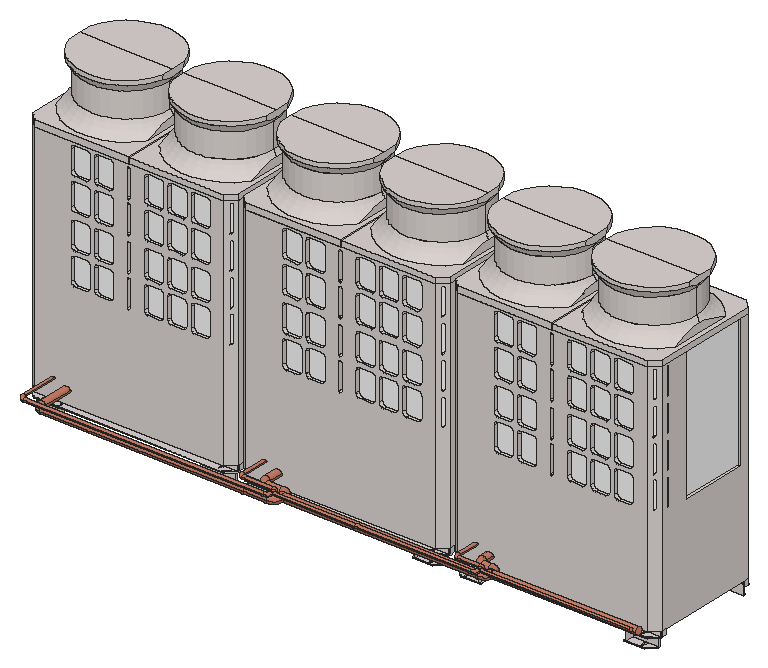
Revit family "PUHY-EP1250YSNW-A1", category 機械設備, Revit 2016 (continued)
Definition of nested family "PUHY-EP400YNW-A1"
  Dimensions and locks
    Extrusion 19 sketch curve to Extrusion 19 sketch curve = 170.800 mm
    Extrusion 20 sketch curve to Extrusion 20 sketch curve = 116.800 mm
    Extrusion 20 sketch curve to Extrusion 20 sketch curve = 170.800 mm
    Extrusion 21 sketch curve to Extrusion 21 sketch curve = 116.800 mm
    Extrusion 21 sketch curve to Extrusion 21 sketch curve = 170.800 mm
    plane 3 "Center (Left/Right)" to cut or joined group 1 (Extrusion 1, Extrusion 2, Extrusion 3, Extrusion 4, Extrusion 5, Extrusion 6, Extrusion 7, Extrusion 8, Extrusion 9, Extrusion 10, Extrusion 11, Extrusion 12, Extrusion 13, Extrusion 14, Extrusion 15, Extrusion 16, Extrusion 17, Extrusion 18, Extrusion 19, Extrusion 20, Extrusion 21, Extrusion 22, Extrusion 23, Extrusion 24, Extrusion 25, Extrusion 26, Extrusion 27, Extrusion 28, Extrusion 29, Extrusion 30, Extrusion 31, Extrusion 32, Extrusion 33) = 620.000 mm
    cut or joined group 1 to plane 3 "Center (Left/Right)" = 620.000 mm
    Extrusion 1 sketch curve to Extrusion 1 sketch curve = 1240.000 mm
    cut or joined group 1 to plane 8 = 185.000 mm
    cut or joined group 1 to plane 7 = 166.000 mm
    cut or joined group 1 to plane 6 = 110.000 mm
    cut or joined group 1 to plane 12 to cut or joined group 1 = 805.000 mm, 621.000 mm
    plane 5 to plane 2 = 1858.000 mm  (x2)
    cut or joined group 1 to plane 19 "132" = 132.000 mm
    cut or joined group 1 to plane 22 = 207.000 mm
    cut or joined group 1 to plane 23 = 256.000 mm
    cut or joined group 1 to plane 6 = 60.000 mm
    cut or joined group 1 to cut or joined group 1 = 42.154 mm
    cut or joined group 1 to cut or joined group 1 = 11.895 mm
    nested 1 to nested 3 to level = 1798.000 mm, 60.000 mm
    nested 1 to nested 1 = 303.000 mm
    nested 1 to nested 3 = 1495.000 mm
    nested 8 to nested 8 to nested 8 to nested 7 to nested 7 to nested 7 = 54.000 mm, 20.000 mm, 592.000 mm, 20.000 mm, 54.000 mm
    nested 3 to nested 3 = 56.000 mm
    plane 11 to plane 31 to plane 32 to cut or joined group 1 = 90.000 mm, 1060.000 mm, 90.000 mm
    curve 103 to nested 7 = 90.000 mm
    curve 104 to nested 7 = 125.000 mm
    curve 101 to nested 7 = 100.000 mm
    curve 11 to curve 13 to nested 7 = 84.000 mm, 71.000 mm
    cut or joined group 1 to curve 12 to curve 14 = 125.000 mm, 148.000 mm
    nested 2 to nested 7 = 1495.000 mm
    curve 87 to cut or joined group 1 = 152.000 mm
    curve 88 to cut or joined group 1 = 172.000 mm
    curve 89 to cut or joined group 1 = 216.000 mm
    cut or joined group 1 to curve 4 to curve 2 = 128.000 mm, 150.000 mm
    cut or joined group 1 to curve 1 to curve 3 = 79.000 mm, 94.000 mm
    Extrusion 32 sketch curve to nested 7 = 116.000 mm
    cut or joined group 1 to Extrusion 32 sketch curve = 160.000 mm
    cut or joined group 1 to Extrusion 33 sketch curve = 243.000 mm
    Extrusion 33 sketch curve to nested 7 = 116.000 mm
    aligned and locked: level to plane 2
    aligned and locked: Extrusion 1 to plane 4
  Nested families
    nested 1: "FAN GUARD" at (-311.5, 2, 860), type "FAN GUARD"
      with WIDTH 870.000 mm
    nested 2: "FAN GUARD" at (311.5, 2, 860) x (-1, 0, 0) z (0, 0, 1), type "FAN GUARD"
      with WIDTH 870.000 mm
    nested 3: "ATTACHMENT LEG" at (-524, -349, 0), type "ATTACHMENT LEG"
    nested 4: "ATTACHMENT LEG" at (-524, 349, 0), type "ATTACHMENT LEG"
    nested 5: "ATTACHMENT LEG" at (524, -349, 0) x (-1, 0, 0) z (0, 0, 1), type "ATTACHMENT LEG"
    nested 6: "ATTACHMENT LEG" at (524, 349, 0) x (-1, 0, 0) z (0, 0, 1), type "ATTACHMENT LEG"
    nested 7: "BASE LEG_L_" at (0, -352, 60), type "BASE LEG_L_"
      with Width 1240.000 mm
    nested 8: "BASE LEG_L_" at (0, 352, 60), type "BASE LEG_L_"
      with Width 1240.000 mm
  Connectors
    piping at (-460, -191, 176), diameter 25.4, driven by "Liquid pipe_radius"
      settings: on cut or joined group 1, index 3, connector inside diameter 25.4 mm, connector length 0.000 mm, flow factor 0, pipe flow 0.0 L/s, pressure drop 0.0 Pa, fitting loss kfactor 0, connector angle 0.00°, fixture units 0, engagement length 0.000 mm, angle of deflection 0.00°, flow configuration 0, flow direction 0, fitting loss method 0, system type 22, joint type 0, gender type 0, connector reference index -1, connector utility 0, adjustable connector no, is connector primary yes, connector description "Refrigerant service valve<Liquid pipe>"
    piping at (-377, -191, 176), diameter 28.58, driven by "Gas pipe_radius"
      settings: on cut or joined group 1, index 4, connector inside diameter 28.58 mm, connector length 0.000 mm, flow factor 0, pipe flow 0.0 L/s, pressure drop 0.0 Pa, fitting loss kfactor 0, connector angle 0.00°, fixture units 0, engagement length 0.000 mm, angle of deflection 0.00°, flow configuration 0, flow direction 0, fitting loss method 0, system type 22, joint type 0, gender type 0, connector reference index -1, connector utility 0, adjustable connector no, is connector primary no, connector description "Refrigerant service valve<Gas>"
    electrical at (0, -370, 808)
      settings: on cut or joined group 1, index 5, voltage 0 V, apparent load 0 VA, apparent load phase1 0 VA, apparent load phase2 0 VA, apparent load phase3 0 VA, power factor 1, load classification none, number of poles 1, system type 30, power factor state 1, is connector primary yes, connector utility no, sub classification motor no, connector description ""
  Definition of nested family "FAN GUARD"
    Parameters
      WIDTH [instance] = 870.000 mm
    Reference planes
      plane 1 "中心(正面/背面)": y = -2
      plane 2: z = 0
      plane 3 "ファンガード基準面": z = 661
      plane 4: y = 368
      plane 5: x = 366
      plane 6: x = -375
      plane 7 "ファンガード基準上面": z = 695
      plane 8 "ファンガード上面": z = 998
      plane 9: x = -273.971
      plane 10: x = 308.5
      plane 11: x = -308.5
      plane 12: x = 0
    Forms (mm)
      Extrusion 1, solid
        sketch origin (85, 0, 661) x (-1, 0, 0) y (0, -1, 0)
          loop
            line (343.5, -368) -> (393.5, -318) -> (393.5, 322) -> (343.5, 372) -> (-223.5, 372) -> (-223.5, -368) -> (343.5, -368)
        from 0 to 34
      Revolve 2, solid
        sketch origin (0, -2, 0) x (1, 0, 0) y (0, 0, 1)
          loop
            line (0, 695) -> (0, 998) -> (-290, 998) -> (-290, 972.327) -> (-260, 928.372) -> (-260, 777.384)
            arc (-260, 777.384) -> (-290.651, 730.137) -> (-334.665, 695) r 175.882
            line (-334.665, 695) -> (0, 695)
          axis (0, 998) -> (0, 695)
        angle from 0 to 360
      Extrusion 3, void
        sketch origin (-840, 75, 695) x (-1, 0, 0) y (0, -1, 0)
          loop
            line (-410, -165) -> (-410, 315) -> (-561.253, 315) -> (-561.253, -165) -> (-410, -165)
        from -35 to 430.592
      Extrusion 4, void
        sketch origin (840, 75, 695) x (1, 0, 0) y (0, 1, 0)
          loop
            line (-410, 165) -> (-561.253, 165) -> (-561.253, -315) -> (-410, -315) -> (-410, 165)
        from 0 to 430.592
    Cuts and joins
      Extrusion 3, Extrusion 4 cuts Revolve 2
      Extrusion 4 cuts Extrusion 1
    Lines and regions (mm)
      model lines
        curve 1: line (-278.747, 0, 998) -> (-80, 0, 998)
        curve 2: line (80, 0, 998) -> (278.747, 0, 998)
        curve 3: circle (0, 0, 998) r 80 normal (0, 0, 1)
        curve 4: line (-278.747, -80, 998) -> (278.747, -80, 998)
        curve 5: line (-241.868, -160, 998) -> (241.868, -160, 998)
        curve 6: line (-162.788, -240, 998) -> (162.788, -240, 998)
        curve 7: line (-278.747, 80, 998) -> (278.747, 80, 998)
        curve 8: line (-241.868, 160, 998) -> (240, 160, 998)
        curve 9: line (-160, 240, 998) -> (162.788, 240, 998)
        curve 10: line (0, 290, 998) -> (0, -290, 998)
        curve 11: line (-20, 289.31, 998) -> (-20, -289.31, 998)
        curve 12: line (-40, 287.228, 998) -> (-40, -287.228, 998)
        curve 13: line (-60, 283.725, 998) -> (-60, -283.725, 998)
        curve 14: line (-80, 278.747, 998) -> (-80, -278.747, 998)
        curve 15: line (20, 289.31, 998) -> (20, -289.31, 998)
        curve 16: line (40, 287.228, 998) -> (40, -287.228, 998)
        curve 17: line (60, 283.725, 998) -> (60, -283.725, 998)
        curve 18: line (80, 278.747, 998) -> (80, -278.747, 998)
        curve 19: line (100, 272.213, 998) -> (100, -272.213, 998)
        curve 20: line (120, 264.008, 998) -> (120, -264.008, 998)
        curve 21: line (140, 253.969, 998) -> (140, -253.969, 998)
        curve 22: line (160, 241.868, 998) -> (160, -243.132, 998)
        curve 23: line (180, 227.376, 998) -> (180, -227.624, 998)
        curve 24: line (200, 210, 998) -> (200, -210, 998)
        curve 25: line (220, 188.944, 998) -> (220, -188.944, 998)
        curve 26: line (240, 160, 998) -> (240, -162.788, 998)
        curve 27: line (260, 128.452, 998) -> (260, -128.452, 998)
        curve 28: line (-100, 272.213, 998) -> (-100, -272.213, 998)
        curve 29: line (-120, 264.008, 998) -> (-120, -264.008, 998)
        curve 30: line (-140, 253.969, 998) -> (-140, -253.969, 998)
        curve 31: line (-160, 240, 998) -> (-160, -241.868, 998)
        curve 32: line (-180, 227.376, 998) -> (-180, -227.376, 998)
        curve 33: line (-200, 210, 998) -> (-200, -210, 998)
        curve 34: line (-220, 188.944, 998) -> (-220, -188.944, 998)
        curve 35: line (-240, 162.788, 998) -> (-240, -162.788, 998)
        curve 36: line (-260, 128.452, 998) -> (-260, -128.452, 998)
        curve 37: line (10, 79.373, 998) -> (10, -79.373, 998)
        curve 38: line (-10, 79.373, 998) -> (-10, -79.373, 998)
        curve 39: line (30, 74.162, 998) -> (30, -74.162, 998)
        curve 40: line (50, 62.45, 998) -> (50, -62.45, 998)
        curve 41: line (70, 38.73, 998) -> (70, -38.73, 998)
        curve 42: line (-30, 74.162, 998) -> (-30, -74.162, 998)
        curve 43: line (-50, 62.45, 998) -> (-50, -62.45, 998)
        curve 44: line (-70, 38.73, 998) -> (-70, -38.73, 998)
    Dimensions and locks
      locked: plane 8 "ファンガード上面" to plane 7 "ファンガード基準上面" at 303
      plane 8 "ファンガード上面" to plane 3 "ファンガード基準面" = 337.000 mm
      Revolve 2 sketch curve to Revolve 2 sketch curve = 290.000 mm
      Extrusion 1 sketch curve to Extrusion 1 sketch curve = 740.000 mm
      equal spacing: Extrusion 1 sketch curve, plane 1 "中心(正面/背面)", Extrusion 1 sketch curve
      plane 6 to plane 5 = 741.000 mm
      Extrusion 1 sketch curve to Extrusion 1 sketch curve = 617.000 mm
      plane 11 to plane 10 = 617.000 mm
      cut or joined group of Extrusion 1, Extrusion 4 to cut or joined group of Extrusion 1, Extrusion 4 = 617.000 mm
      cut or joined group of Extrusion 1, Extrusion 4 to cut or joined group of Extrusion 1, Extrusion 4 = 740.000 mm
      aligned and locked: level to plane 2
      aligned and locked: plane 7 "ファンガード基準上面" to Extrusion 1
      aligned and locked: plane 3 "ファンガード基準面" to Extrusion 1
      aligned and locked: cut or joined group of Revolve 2, Extrusion 3, Extrusion 4 to plane 8 "ファンガード上面"
  Definition of nested family "ATTACHMENT LEG"
    Parameters
      Width = 145.000 mm
    Reference planes
      plane 1: z = 0
      plane 2 "中心(左/右)": x = -6
      plane 3: x = -52
      plane 4: x = 85
      plane 5: x = 93
      plane 6: y = -21
      plane 7: y = 27
      plane 8: x = -30
      plane 9: y = 39
      plane 10: z = 60
      plane 11: z = 57
      plane 12: z = 3
      plane 13: x = 82
      plane 14: y = 36
      plane 15: x = -75
      plane 16: y = 31
      plane 17 "幅": x = 93
      plane 18: y = 2.5
      plane 19: y = 21
      plane 20: y = -10
    Forms (mm)
      Extrusion 1, solid
        sketch origin (0, -1, 0) x (1, 0, 0) y (0, 1, 0)
          loop
            line (-75, 36) -> (-75, 27) -> (-28, -20) -> (93, -20) -> (93, 32) -> (85, 32) -> (85, 36) -> (-75, 36)
        from 0 to 60
      Extrusion 2, void
        sketch origin (0, -3, 0) x (1, 0, 0) y (0, 0, 1)
          loop
            line (-75, 57) -> (-75, 3) -> (82, 3) -> (82, 57) -> (-75, 57)
          loop
            line (93, 57) -> (85, 57) -> (85, 3) -> (93, 3) -> (93, 57)
        from -35 to 18
      Extrusion 3, void
        sketch origin (-6, 5.5, 0) x (1, 0, 0) y (0, 1, 0)
          loop
            arc (-7, -8.5) -> (0, -15.5) -> (7, -8.5) r 7
            line (7, -8.5) -> (7, 8.5)
            arc (7, 8.5) -> (0, 15.5) -> (-7, 8.5) r 7
            line (-7, 8.5) -> (-7, -8.5)
        from 0 to 60
    Cuts and joins
      Extrusion 2, Extrusion 3 cuts Extrusion 1
    Dimensions and locks
      locked: plane 3 to plane 4 at 137
      locked: plane 3 to plane 5 at 145
      plane 6 to plane 7 = 48.000 mm
      locked: plane 10 to level at 60
      Extrusion 3 sketch curve to plane 2 "中心(左/右)" = 7.000 mm
      locked: plane 15 to plane 2 "中心(左/右)" at 69
      locked: plane 15 to plane 8 at 45
      locked: plane 6 to plane 18 at 23.5
      cut or joined group of Extrusion 1, Extrusion 2, Extrusion 3 to cut or joined group of Extrusion 1, Extrusion 2, Extrusion 3 = 168.000 mm
      cut or joined group of Extrusion 1, Extrusion 2, Extrusion 3 to cut or joined group of Extrusion 1, Extrusion 2, Extrusion 3 = 56.000 mm  (x2)
      plane 14 to plane 6 = 57.000 mm
      aligned and locked: level to plane 1
      aligned and locked: Extrusion 1 sketch curve to plane 4
      aligned and locked: Extrusion 1 sketch curve to plane 5
      aligned: plane 8 to Extrusion 1 sketch curve
      aligned and locked: plane 10 to Extrusion 1
      aligned and locked: Extrusion 2 sketch curve to plane 11
      aligned: plane 3 to Extrusion 2 sketch curve
      aligned and locked: plane 12 to Extrusion 2 sketch curve
      aligned and locked: Extrusion 2 sketch curve to plane 13
      aligned and locked: plane 6 to Extrusion 2
      aligned and locked: plane 11 to Extrusion 2 sketch curve
      aligned and locked: plane 5 to Extrusion 2 sketch curve
      aligned and locked: Extrusion 2 sketch curve to plane 12
      aligned and locked: Extrusion 2 sketch curve to plane 4
      aligned and locked: plane 15 to Extrusion 1 sketch curve
      aligned and locked: Extrusion 2 sketch curve to cut or joined group of Extrusion 1, Extrusion 2, Extrusion 3
      aligned and locked: Extrusion 1 to plane 16
  Definition of nested family "BASE LEG_L_"
    Parameters
      Width [instance] = 1240.000 mm
    Reference planes
      plane 1 "中心(正面/背面)": y = 0
      plane 2: z = 0
      plane 3 "中心(左/右)": x = 0
      plane 4: x = 620
      plane 5: x = -620
      plane 6: x = -530
      plane 7: x = 530
      plane 8: y = -18
      plane 9: y = 39
      plane 10: z = 53
      plane 11: y = 42
      plane 12: y = 27
      plane 13: x = 575
      plane 14: x = -575
      plane 15: z = 8
      plane 16: y = 11.5
      plane 17: z = 35
    Forms (mm)
      Extrusion 1, solid
        sketch origin (0, 0, 0) x (0, 1, 0) y (0, 0, 1)
          loop
            line (-18, 0) -> (36, 0) -> (36, 32) -> (56, 32) -> (56, 35) -> (33, 35) -> (33, 3) -> (-18, 3) -> (-18, 0)
        from -620 to 620
      Extrusion 2, void
        sketch origin (0, 0, 0) x (1, 0, 0) y (0, 1, 0)
          loop
            line (575, -18) -> (620, -18) -> (620, 27) -> (575, -18)
          loop
            line (-575, -18) -> (-620, 27) -> (-620, -18) -> (-575, -18)
        from 0 to 250
      Extrusion 3, void
        sketch origin (0, 12.023, 0) x (1, 0, 0) y (0, 1, 0)
          loop
            arc (523, -2.971) -> (530, -9.971) -> (537, -2.971) r 7
            line (537, -2.971) -> (537, 3.023)
            arc (537, 3.023) -> (530, 10.023) -> (523, 3.023) r 7
            line (523, 3.023) -> (523, -2.971)
          loop
            line (-523, -2.971) -> (-523, 3.023)
            arc (-523, 3.023) -> (-530, 10.023) -> (-537, 3.023) r 7
            line (-537, 3.023) -> (-537, -2.971)
            arc (-537, -2.971) -> (-530, -9.971) -> (-523, -2.971) r 7
        from 0 to 250
      Extrusion 4, solid
        sketch origin (0, 0, -3) x (1, 0, 0) y (0, 0, 1)
          loop
            line (617, 8) -> (620, 8) -> (620, 35) -> (617, 35) -> (617, 8)
          loop
            line (-617, 8) -> (-617, 35) -> (-620, 35) -> (-620, 8) -> (-617, 8)
        from -36 to -56
      Extrusion 5, solid
        sketch origin (150, 352, 0) x (1, 0, 0) y (0, 1, 0)
          loop
            line (460, -319) -> (455, -319) -> (455, -320) -> (405, -370) -> (410, -370) -> (460, -320) -> (460, -319)
        from 3 to 35
      Extrusion 6, void
        sketch origin (560, -18, 0) x (0.707107, 0.707107, 0) y (0, 0, 1)
          loop
            line (70.711, 3) -> (-6.741, 39.767) -> (-6.741, 3) -> (70.711, 3)
        from -190.256 to 23.776
      Extrusion 7, solid
        sketch origin (-150, 352, 0) x (-1, 0, 0) y (0, -1, 0)
          loop
            line (460, 319) -> (460, 320) -> (410, 370) -> (405, 370) -> (455, 320) -> (455, 319) -> (460, 319)
        from 3 to 35
      Extrusion 8, void
        sketch origin (-560, -18, 0) x (0.707107, -0.707107, 0) y (0, 0, -1)
          loop
            line (-70.711, -3) -> (0, -35) -> (6.741, -35) -> (6.741, -3) -> (-70.711, -3)
        from -190.256 to 23.776
    Cuts and joins
      Extrusion 2, Extrusion 3 cuts Extrusion 1
      joined: Extrusion 1, Extrusion 4
      Extrusion 8 cuts Extrusion 7
      Extrusion 6 cuts Extrusion 5
    Dimensions and locks
      "Width": plane 5 to plane 4
      equal spacing: plane 5, plane 3 "中心(左/右)", plane 4
      locked: plane 5 to plane 6 at 90
      locked: plane 7 to plane 4 at 90
      locked: plane 8 to plane 9 at 57
      locked: plane 10 to level at 53
      locked: plane 9 to plane 11 at 3
      plane 8 to plane 12 = 45.000 mm
      locked: plane 13 to plane 4 at 45
      locked: plane 5 to plane 14 at 45
      equal spacing: Extrusion 3 sketch curve, plane 7, Extrusion 3 sketch curve
      equal spacing: Extrusion 3 sketch curve, plane 6, Extrusion 3 sketch curve
      locked: plane 10 to plane 15 at 45
      locked: cut or joined group of Extrusion 1, Extrusion 2, Extrusion 3, Extrusion 4 to Extrusion 4 sketch curve at 3  (x2)
      locked: plane 8 to plane 16 at 29.5
      plane 8 to plane 11 = 60.000 mm
      cut or joined group of Extrusion 1, Extrusion 2, Extrusion 3, Extrusion 4 to cut or joined group of Extrusion 1, Extrusion 2, Extrusion 3, Extrusion 4 = 35.000 mm
      aligned and locked: level to plane 2
      aligned and locked: plane 8 to Extrusion 1 sketch curve
      aligned and locked: plane 4 to Extrusion 1
      aligned and locked: Extrusion 1 to plane 5
      aligned and locked: Extrusion 2 sketch curve to plane 4
      aligned and locked: Extrusion 2 sketch curve to plane 8
      aligned and locked: plane 12 to Extrusion 2 sketch curve
      aligned and locked: plane 13 to Extrusion 2 sketch curve
      aligned and locked: plane 4 to Extrusion 4 sketch curve
      aligned and locked: plane 5 to Extrusion 4 sketch curve
      aligned and locked: cut or joined group of Extrusion 7, Extrusion 8 to cut or joined group of Extrusion 1, Extrusion 2, Extrusion 3, Extrusion 4
    Automatic sketch dimensions
      Extrusion 3 sketch curve to plane 1 "中心(正面/背面)" = 9.052 mm  (x2)
      Extrusion 3 sketch curve to plane 7 = 7.000 mm
      Extrusion 3 sketch curve to plane 1 "中心(正面/背面)" = 15.046 mm  (x2)
      Extrusion 3 sketch curve to plane 6 = 7.000 mm
      Extrusion 2 sketch curve to plane 5 = 0.000 mm
      plane 8 to Extrusion 2 sketch curve = 0.000 mm
      Extrusion 2 sketch curve to plane 14 = 0.000 mm
      plane 12 to Extrusion 2 sketch curve = 0.000 mm
      Extrusion 4 sketch curve to plane 10 = 21.000 mm
      plane 7 to Extrusion 5 sketch curve = 25.000 mm
      Extrusion 5 sketch curve to Extrusion 5 sketch curve = 5.000 mm  (x2)
      plane 7 to Extrusion 5 sketch curve = 75.000 mm
      plane 8 to Extrusion 5 sketch curve = 0.000 mm
      Extrusion 5 sketch curve to Extrusion 5 sketch curve = 50.000 mm
      Extrusion 5 sketch curve to Extrusion 5 sketch curve = 0.000 mm
      Extrusion 5 sketch curve to Extrusion 5 sketch curve = 1.000 mm
      Extrusion 6 sketch curve to Extrusion 5 = 0.000 mm  (x2)
      Extrusion 6 sketch curve to Extrusion 5 = 6.741 mm
      Extrusion 6 sketch curve to Extrusion 5 = 4.767 mm
      plane 6 to Extrusion 7 sketch curve = 25.000 mm
      Extrusion 7 sketch curve to Extrusion 7 sketch curve = 5.000 mm  (x2)
      Extrusion 7 sketch curve to Extrusion 7 sketch curve = 45.000 mm
      Extrusion 7 sketch curve to plane 8 = 0.000 mm
      Extrusion 7 sketch curve to Extrusion 7 sketch curve = 50.000 mm
      Extrusion 7 sketch curve to Extrusion 7 sketch curve = 0.000 mm
      Extrusion 7 sketch curve to Extrusion 7 sketch curve = 1.000 mm
      Extrusion 8 sketch curve to Extrusion 7 = 0.000 mm  (x2)
      Extrusion 7 to Extrusion 8 sketch curve = 0.000 mm  (x2)
      Extrusion 7 to Extrusion 8 sketch curve = 6.741 mm
      Extrusion 4 sketch curve to plane 17 = 3.000 mm
      Extrusion 4 sketch curve to plane 15 = 3.000 mm  (x2)
      Extrusion 1 sketch curve to plane 17 = 0.000 mm
      Extrusion 1 sketch curve to level = 0.000 mm
      level to Extrusion 1 sketch curve = 3.000 mm
      plane 9 to Extrusion 1 sketch curve = 6.000 mm
      plane 9 to Extrusion 1 sketch curve = 3.000 mm
      Extrusion 1 sketch curve to plane 17 = 3.000 mm
      Extrusion 1 sketch curve to plane 11 = 14.000 mm
Definition of nested family "PUHY-EP450YNW-A1"
  Parameters
    Model = "PUHY-P400YNW-A"
    URL = "http://www.mitsubishielectric.com/"
    Manufacturer = "Mitsubishi Electric Corporation"
    Liquid pipe_radius = 12.700 mm
    Gas pipe_radius = 14.290 mm
  Reference planes
    plane 1 "Center (Front/Back)": y = 0
    plane 2: z = 0
    plane 3 "Center (Left/Right)": x = 0
    plane 4: y = 370
    plane 5: z = 1858
    plane 6: y = -260
    plane 7: y = -204
    plane 8: y = -185
    plane 9: x = -620
    plane 10: x = 620
    plane 11: x = -620
    plane 12: z = 716
    plane 13: x = -524
    plane 14: z = 669
    plane 15: x = -50.5
    plane 16: x = 51
    plane 17: x = 489
    plane 18: x = 467
    plane 19 "132": x = 488
    plane 20 "100": z = 160
    plane 21: z = 185
    plane 22: x = 413
    plane 23: x = 364
    plane 24: z = 150
    plane 25: x = -287.25
    plane 26: x = -137.25
    plane 27: x = -272.25
    plane 28: y = -278
    plane 29: z = 1509
    plane 30: y = -370
    plane 31: x = -530
    plane 32: x = 530
    plane 33 "179": y = -191
  Forms (mm)
    Extrusion 1, solid
      sketch origin (-1, 0, 113) x (-1, 0, 0) y (0, -1, 0)
        loop
          line (569, -370) -> (619, -320) -> (619, 320) -> (569, 370) -> (-571, 370) -> (-621, 320) -> (-621, -320) -> (-571, -370) -> (569, -370)
      from -18 to 1408
    Extrusion 2, void
      sketch origin (524, -370, 113) x (1, 0, 0) y (0, 0, -1)
        loop
          arc (-60.8, -1393.5) -> (-42.557, -1385.943) -> (-35, -1367.7) r 25.8
          line (-35, -1367.7) -> (-35, -1248.5)
          arc (-35, -1248.5) -> (-42.557, -1230.257) -> (-60.8, -1222.7) r 25.8
          line (-60.8, -1222.7) -> (-126, -1222.7)
          arc (-126, -1222.7) -> (-144.243, -1230.257) -> (-151.8, -1248.5) r 25.8
          line (-151.8, -1248.5) -> (-151.8, -1367.7)
          arc (-151.8, -1367.7) -> (-144.243, -1385.943) -> (-126, -1393.5) r 25.8
          line (-126, -1393.5) -> (-60.8, -1393.5)
      from 0 to 20
    Extrusion 3, void
      sketch origin (524, -370, -81) x (1, 0, 0) y (0, 0, -1)
        loop
          arc (-60.8, -1393.5) -> (-42.557, -1385.943) -> (-35, -1367.7) r 25.8
          line (-35, -1367.7) -> (-35, -1248.5)
          arc (-35, -1248.5) -> (-42.557, -1230.257) -> (-60.8, -1222.7) r 25.8
          line (-60.8, -1222.7) -> (-126, -1222.7)
          arc (-126, -1222.7) -> (-144.243, -1230.257) -> (-151.8, -1248.5) r 25.8
          line (-151.8, -1248.5) -> (-151.8, -1367.7)
          arc (-151.8, -1367.7) -> (-144.243, -1385.943) -> (-126, -1393.5) r 25.8
          line (-126, -1393.5) -> (-60.8, -1393.5)
      from 0 to 20
    Extrusion 4, void
      sketch origin (524, -370, -287) x (1, 0, 0) y (0, 0, -1)
        loop
          arc (-60.8, -1393.5) -> (-42.557, -1385.943) -> (-35, -1367.7) r 25.8
          line (-35, -1367.7) -> (-35, -1248.5)
          arc (-35, -1248.5) -> (-42.557, -1230.257) -> (-60.8, -1222.7) r 25.8
          line (-60.8, -1222.7) -> (-126, -1222.7)
          arc (-126, -1222.7) -> (-144.243, -1230.257) -> (-151.8, -1248.5) r 25.8
          line (-151.8, -1248.5) -> (-151.8, -1367.7)
          arc (-151.8, -1367.7) -> (-144.243, -1385.943) -> (-126, -1393.5) r 25.8
          line (-126, -1393.5) -> (-60.8, -1393.5)
      from 0 to 20
    Extrusion 5, void
      sketch origin (524, -370, -481) x (1, 0, 0) y (0, 0, -1)
        loop
          arc (-60.8, -1393.5) -> (-42.557, -1385.943) -> (-35, -1367.7) r 25.8
          line (-35, -1367.7) -> (-35, -1248.5)
          arc (-35, -1248.5) -> (-42.557, -1230.257) -> (-60.8, -1222.7) r 25.8
          line (-60.8, -1222.7) -> (-126, -1222.7)
          arc (-126, -1222.7) -> (-144.243, -1230.257) -> (-151.8, -1248.5) r 25.8
          line (-151.8, -1248.5) -> (-151.8, -1367.7)
          arc (-151.8, -1367.7) -> (-144.243, -1385.943) -> (-126, -1393.5) r 25.8
          line (-126, -1393.5) -> (-60.8, -1393.5)
      from 0 to 20
    Extrusion 6, void
      sketch origin (384, -370, 113) x (1, 0, 0) y (0, 0, -1)
        loop
          arc (-60.8, -1393.5) -> (-42.557, -1385.943) -> (-35, -1367.7) r 25.8
          line (-35, -1367.7) -> (-35, -1248.5)
          arc (-35, -1248.5) -> (-42.557, -1230.257) -> (-60.8, -1222.7) r 25.8
          line (-60.8, -1222.7) -> (-126, -1222.7)
          arc (-126, -1222.7) -> (-144.243, -1230.257) -> (-151.8, -1248.5) r 25.8
          line (-151.8, -1248.5) -> (-151.8, -1367.7)
          arc (-151.8, -1367.7) -> (-144.243, -1385.943) -> (-126, -1393.5) r 25.8
          line (-126, -1393.5) -> (-60.8, -1393.5)
      from 0 to 20
    Extrusion 7, void
      sketch origin (384, -370, -81) x (1, 0, 0) y (0, 0, -1)
        loop
          arc (-60.8, -1393.5) -> (-42.557, -1385.943) -> (-35, -1367.7) r 25.8
          line (-35, -1367.7) -> (-35, -1248.5)
          arc (-35, -1248.5) -> (-42.557, -1230.257) -> (-60.8, -1222.7) r 25.8
          line (-60.8, -1222.7) -> (-126, -1222.7)
          arc (-126, -1222.7) -> (-144.243, -1230.257) -> (-151.8, -1248.5) r 25.8
          line (-151.8, -1248.5) -> (-151.8, -1367.7)
          arc (-151.8, -1367.7) -> (-144.243, -1385.943) -> (-126, -1393.5) r 25.8
          line (-126, -1393.5) -> (-60.8, -1393.5)
      from 0 to 20
    Extrusion 8, void
      sketch origin (384, -370, -287) x (1, 0, 0) y (0, 0, -1)
        loop
          arc (-60.8, -1393.5) -> (-42.557, -1385.943) -> (-35, -1367.7) r 25.8
          line (-35, -1367.7) -> (-35, -1248.5)
          arc (-35, -1248.5) -> (-42.557, -1230.257) -> (-60.8, -1222.7) r 25.8
          line (-60.8, -1222.7) -> (-126, -1222.7)
          arc (-126, -1222.7) -> (-144.243, -1230.257) -> (-151.8, -1248.5) r 25.8
          line (-151.8, -1248.5) -> (-151.8, -1367.7)
          arc (-151.8, -1367.7) -> (-144.243, -1385.943) -> (-126, -1393.5) r 25.8
          line (-126, -1393.5) -> (-60.8, -1393.5)
      from 0 to 20
    Extrusion 9, void
      sketch origin (384, -370, -481) x (1, 0, 0) y (0, 0, -1)
        loop
          arc (-60.8, -1393.5) -> (-42.557, -1385.943) -> (-35, -1367.7) r 25.8
          line (-35, -1367.7) -> (-35, -1248.5)
          arc (-35, -1248.5) -> (-42.557, -1230.257) -> (-60.8, -1222.7) r 25.8
          line (-60.8, -1222.7) -> (-126, -1222.7)
          arc (-126, -1222.7) -> (-144.243, -1230.257) -> (-151.8, -1248.5) r 25.8
          line (-151.8, -1248.5) -> (-151.8, -1367.7)
          arc (-151.8, -1367.7) -> (-144.243, -1385.943) -> (-126, -1393.5) r 25.8
          line (-126, -1393.5) -> (-60.8, -1393.5)
      from 0 to 20
    Extrusion 10, void
      sketch origin (244, -370, 113) x (1, 0, 0) y (0, 0, -1)
        loop
          arc (-60.8, -1393.5) -> (-42.557, -1385.943) -> (-35, -1367.7) r 25.8
          line (-35, -1367.7) -> (-35, -1248.5)
          arc (-35, -1248.5) -> (-42.557, -1230.257) -> (-60.8, -1222.7) r 25.8
          line (-60.8, -1222.7) -> (-126, -1222.7)
          arc (-126, -1222.7) -> (-144.243, -1230.257) -> (-151.8, -1248.5) r 25.8
          line (-151.8, -1248.5) -> (-151.8, -1367.7)
          arc (-151.8, -1367.7) -> (-144.243, -1385.943) -> (-126, -1393.5) r 25.8
          line (-126, -1393.5) -> (-60.8, -1393.5)
      from 0 to 20
    Extrusion 11, void
      sketch origin (244, -370, -81) x (1, 0, 0) y (0, 0, -1)
        loop
          arc (-60.8, -1393.5) -> (-42.557, -1385.943) -> (-35, -1367.7) r 25.8
          line (-35, -1367.7) -> (-35, -1248.5)
          arc (-35, -1248.5) -> (-42.557, -1230.257) -> (-60.8, -1222.7) r 25.8
          line (-60.8, -1222.7) -> (-126, -1222.7)
          arc (-126, -1222.7) -> (-144.243, -1230.257) -> (-151.8, -1248.5) r 25.8
          line (-151.8, -1248.5) -> (-151.8, -1367.7)
          arc (-151.8, -1367.7) -> (-144.243, -1385.943) -> (-126, -1393.5) r 25.8
          line (-126, -1393.5) -> (-60.8, -1393.5)
      from 0 to 20
    Extrusion 12, void
      sketch origin (244, -370, -287) x (1, 0, 0) y (0, 0, -1)
        loop
          arc (-60.8, -1393.5) -> (-42.557, -1385.943) -> (-35, -1367.7) r 25.8
          line (-35, -1367.7) -> (-35, -1248.5)
          arc (-35, -1248.5) -> (-42.557, -1230.257) -> (-60.8, -1222.7) r 25.8
          line (-60.8, -1222.7) -> (-126, -1222.7)
          arc (-126, -1222.7) -> (-144.243, -1230.257) -> (-151.8, -1248.5) r 25.8
          line (-151.8, -1248.5) -> (-151.8, -1367.7)
          arc (-151.8, -1367.7) -> (-144.243, -1385.943) -> (-126, -1393.5) r 25.8
          line (-126, -1393.5) -> (-60.8, -1393.5)
      from 0 to 20
    Extrusion 13, void
      sketch origin (244, -370, -481) x (1, 0, 0) y (0, 0, -1)
        loop
          arc (-60.8, -1393.5) -> (-42.557, -1385.943) -> (-35, -1367.7) r 25.8
          line (-35, -1367.7) -> (-35, -1248.5)
          arc (-35, -1248.5) -> (-42.557, -1230.257) -> (-60.8, -1222.7) r 25.8
          line (-60.8, -1222.7) -> (-126, -1222.7)
          arc (-126, -1222.7) -> (-144.243, -1230.257) -> (-151.8, -1248.5) r 25.8
          line (-151.8, -1248.5) -> (-151.8, -1367.7)
          arc (-151.8, -1367.7) -> (-144.243, -1385.943) -> (-126, -1393.5) r 25.8
          line (-126, -1393.5) -> (-60.8, -1393.5)
      from 0 to 20
    Extrusion 14, void
      sketch origin (-56, -370, 113) x (1, 0, 0) y (0, 0, -1)
        loop
          arc (-60.8, -1393.5) -> (-42.557, -1385.943) -> (-35, -1367.7) r 25.8
          line (-35, -1367.7) -> (-35, -1248.5)
          arc (-35, -1248.5) -> (-42.557, -1230.257) -> (-60.8, -1222.7) r 25.8
          line (-60.8, -1222.7) -> (-126, -1222.7)
          arc (-126, -1222.7) -> (-144.243, -1230.257) -> (-151.8, -1248.5) r 25.8
          line (-151.8, -1248.5) -> (-151.8, -1367.7)
          arc (-151.8, -1367.7) -> (-144.243, -1385.943) -> (-126, -1393.5) r 25.8
          line (-126, -1393.5) -> (-60.8, -1393.5)
      from 0 to 20
    Extrusion 15, void
      sketch origin (-56, -370, -81) x (1, 0, 0) y (0, 0, -1)
        loop
          arc (-60.8, -1393.5) -> (-42.557, -1385.943) -> (-35, -1367.7) r 25.8
          line (-35, -1367.7) -> (-35, -1248.5)
          arc (-35, -1248.5) -> (-42.557, -1230.257) -> (-60.8, -1222.7) r 25.8
          line (-60.8, -1222.7) -> (-126, -1222.7)
          arc (-126, -1222.7) -> (-144.243, -1230.257) -> (-151.8, -1248.5) r 25.8
          line (-151.8, -1248.5) -> (-151.8, -1367.7)
          arc (-151.8, -1367.7) -> (-144.243, -1385.943) -> (-126, -1393.5) r 25.8
          line (-126, -1393.5) -> (-60.8, -1393.5)
      from 0 to 20
    Extrusion 16, void
      sketch origin (-56, -370, -287) x (1, 0, 0) y (0, 0, -1)
        loop
          arc (-60.8, -1393.5) -> (-42.557, -1385.943) -> (-35, -1367.7) r 25.8
          line (-35, -1367.7) -> (-35, -1248.5)
          arc (-35, -1248.5) -> (-42.557, -1230.257) -> (-60.8, -1222.7) r 25.8
          line (-60.8, -1222.7) -> (-126, -1222.7)
          arc (-126, -1222.7) -> (-144.243, -1230.257) -> (-151.8, -1248.5) r 25.8
          line (-151.8, -1248.5) -> (-151.8, -1367.7)
          arc (-151.8, -1367.7) -> (-144.243, -1385.943) -> (-126, -1393.5) r 25.8
          line (-126, -1393.5) -> (-60.8, -1393.5)
      from 0 to 20
    Extrusion 17, void
      sketch origin (-56, -370, -481) x (1, 0, 0) y (0, 0, -1)
        loop
          arc (-60.8, -1393.5) -> (-42.557, -1385.943) -> (-35, -1367.7) r 25.8
          line (-35, -1367.7) -> (-35, -1248.5)
          arc (-35, -1248.5) -> (-42.557, -1230.257) -> (-60.8, -1222.7) r 25.8
          line (-60.8, -1222.7) -> (-126, -1222.7)
          arc (-126, -1222.7) -> (-144.243, -1230.257) -> (-151.8, -1248.5) r 25.8
          line (-151.8, -1248.5) -> (-151.8, -1367.7)
          arc (-151.8, -1367.7) -> (-144.243, -1385.943) -> (-126, -1393.5) r 25.8
          line (-126, -1393.5) -> (-60.8, -1393.5)
      from 0 to 20
    Extrusion 18, void
      sketch origin (-196, -370, 113) x (1, 0, 0) y (0, 0, -1)
        loop
          arc (-60.8, -1393.5) -> (-42.557, -1385.943) -> (-35, -1367.7) r 25.8
          line (-35, -1367.7) -> (-35, -1248.5)
          arc (-35, -1248.5) -> (-42.557, -1230.257) -> (-60.8, -1222.7) r 25.8
          line (-60.8, -1222.7) -> (-126, -1222.7)
          arc (-126, -1222.7) -> (-144.243, -1230.257) -> (-151.8, -1248.5) r 25.8
          line (-151.8, -1248.5) -> (-151.8, -1367.7)
          arc (-151.8, -1367.7) -> (-144.243, -1385.943) -> (-126, -1393.5) r 25.8
          line (-126, -1393.5) -> (-60.8, -1393.5)
      from 0 to 20
    Extrusion 19, void
      sketch origin (-196, -370, -81) x (1, 0, 0) y (0, 0, -1)
        loop
          arc (-60.8, -1393.5) -> (-42.557, -1385.943) -> (-35, -1367.7) r 25.8
          line (-35, -1367.7) -> (-35, -1248.5)
          arc (-35, -1248.5) -> (-42.557, -1230.257) -> (-60.8, -1222.7) r 25.8
          line (-60.8, -1222.7) -> (-126, -1222.7)
          arc (-126, -1222.7) -> (-144.243, -1230.257) -> (-151.8, -1248.5) r 25.8
          line (-151.8, -1248.5) -> (-151.8, -1367.7)
          arc (-151.8, -1367.7) -> (-144.243, -1385.943) -> (-126, -1393.5) r 25.8
          line (-126, -1393.5) -> (-60.8, -1393.5)
      from 0 to 20
    Extrusion 20, void
      sketch origin (-196, -370, -287) x (1, 0, 0) y (0, 0, -1)
        loop
          arc (-60.8, -1393.5) -> (-42.557, -1385.943) -> (-35, -1367.7) r 25.8
          line (-35, -1367.7) -> (-35, -1248.5)
          arc (-35, -1248.5) -> (-42.557, -1230.257) -> (-60.8, -1222.7) r 25.8
          line (-60.8, -1222.7) -> (-126, -1222.7)
          arc (-126, -1222.7) -> (-144.243, -1230.257) -> (-151.8, -1248.5) r 25.8
          line (-151.8, -1248.5) -> (-151.8, -1367.7)
          arc (-151.8, -1367.7) -> (-144.243, -1385.943) -> (-126, -1393.5) r 25.8
          line (-126, -1393.5) -> (-60.8, -1393.5)
      from 0 to 20
    Extrusion 21, void
      sketch origin (-196, -370, -481) x (1, 0, 0) y (0, 0, -1)
        loop
          arc (-60.8, -1393.5) -> (-42.557, -1385.943) -> (-35, -1367.7) r 25.8
          line (-35, -1367.7) -> (-35, -1248.5)
          arc (-35, -1248.5) -> (-42.557, -1230.257) -> (-60.8, -1222.7) r 25.8
          line (-60.8, -1222.7) -> (-126, -1222.7)
          arc (-126, -1222.7) -> (-144.243, -1230.257) -> (-151.8, -1248.5) r 25.8
          line (-151.8, -1248.5) -> (-151.8, -1367.7)
          arc (-151.8, -1367.7) -> (-144.243, -1385.943) -> (-126, -1393.5) r 25.8
          line (-126, -1393.5) -> (-60.8, -1393.5)
      from 0 to 20
    Extrusion 22, void
      sketch origin (620, 320, 113) x (0, 1, 0) y (0, 0, -1)
        loop
          line (-462.3, -1408) -> (-50.8, -1408) -> (-50.8, -612) -> (-462.3, -612) -> (-462.3, -1408)
      from 0 to 20
    Extrusion 23, void
      sketch origin (-620, -320, 113) x (0, -1, 0) y (0, 0, -1)
        loop
          line (-535.7, -1408) -> (-207.7, -1408) -> (-207.7, -592) -> (-535.7, -592) -> (-535.7, -1408)
      from 0 to 20
    Extrusion 24, void
      sketch origin (194.892, 370, 113) x (-1, 0, 0) y (0, 0, -1)
        loop
          arc (204.892, -1225.013) -> (194.892, -1215.013) -> (184.892, -1225.013) r 10
          line (184.892, -1225.013) -> (184.892, -1379.987)
          arc (184.892, -1379.987) -> (194.892, -1389.987) -> (204.892, -1379.987) r 10
          line (204.892, -1379.987) -> (204.892, -1225.013)
        loop
          arc (204.892, -1031.013) -> (194.892, -1021.013) -> (184.892, -1031.013) r 10
          line (184.892, -1031.013) -> (184.892, -1185.987)
          arc (184.892, -1185.987) -> (194.892, -1195.987) -> (204.892, -1185.987) r 10
          line (204.892, -1185.987) -> (204.892, -1031.013)
        loop
          arc (204.892, -825.013) -> (194.892, -815.013) -> (184.892, -825.013) r 10
          line (184.892, -825.013) -> (184.892, -979.987)
          arc (184.892, -979.987) -> (194.892, -989.987) -> (204.892, -979.987) r 10
          line (204.892, -979.987) -> (204.892, -825.013)
        loop
          arc (204.892, -631.013) -> (194.892, -621.013) -> (184.892, -631.013) r 10
          line (184.892, -631.013) -> (184.892, -785.987)
          arc (184.892, -785.987) -> (194.892, -795.987) -> (204.892, -785.987) r 10
          line (204.892, -785.987) -> (204.892, -631.013)
      from 0 to 20
    Extrusion 25, void
      sketch origin (-570, 370, 113) x (0.707107, 0.707107, 0) y (0, 0, 1)
        loop
          arc (-45.355, 1236) -> (-35.355, 1226) -> (-25.355, 1236) r 10
          line (-25.355, 1236) -> (-25.355, 1386)
          arc (-25.355, 1386) -> (-35.355, 1396) -> (-45.355, 1386) r 10
          line (-45.355, 1386) -> (-45.355, 1236)
        loop
          arc (-45.355, 1036) -> (-35.355, 1026) -> (-25.355, 1036) r 10
          line (-25.355, 1036) -> (-25.355, 1186)
          arc (-25.355, 1186) -> (-35.355, 1196) -> (-45.355, 1186) r 10
          line (-45.355, 1186) -> (-45.355, 1036)
        loop
          arc (-45.355, 836) -> (-35.355, 826) -> (-25.355, 836) r 10
          line (-25.355, 836) -> (-25.355, 986)
          arc (-25.355, 986) -> (-35.355, 996) -> (-45.355, 986) r 10
          line (-45.355, 986) -> (-45.355, 836)
        loop
          arc (-45.355, 641) -> (-35.355, 631) -> (-25.355, 641) r 10
          line (-25.355, 641) -> (-25.355, 791)
          arc (-25.355, 791) -> (-35.355, 801) -> (-45.355, 791) r 10
          line (-45.355, 791) -> (-45.355, 641)
      from 0 to 20
    Extrusion 26, void
      sketch origin (-620, -320, 113) x (0, -1, 0) y (0, 0, -1)
        loop
          line (-607.846, -1035.895) -> (-607.846, -1186.105)
          arc (-607.846, -1186.105) -> (-597.846, -1196.105) -> (-587.846, -1186.105) r 10
          line (-587.846, -1186.105) -> (-587.846, -1035.895)
          arc (-587.846, -1035.895) -> (-597.846, -1025.895) -> (-607.846, -1035.895) r 10
        loop
          line (-607.846, -835.895) -> (-607.846, -986.105)
          arc (-607.846, -986.105) -> (-597.846, -996.105) -> (-587.846, -986.105) r 10
          line (-587.846, -986.105) -> (-587.846, -835.895)
          arc (-587.846, -835.895) -> (-597.846, -825.895) -> (-607.846, -835.895) r 10
        loop
          line (-607.846, -1235.895) -> (-607.846, -1386.105)
          arc (-607.846, -1386.105) -> (-597.846, -1396.105) -> (-587.846, -1386.105) r 10
          line (-587.846, -1386.105) -> (-587.846, -1235.895)
          arc (-587.846, -1235.895) -> (-597.846, -1225.895) -> (-607.846, -1235.895) r 10
        loop
          line (-607.846, -635.895) -> (-607.846, -786.105)
          arc (-607.846, -786.105) -> (-597.846, -796.105) -> (-587.846, -786.105) r 10
          line (-587.846, -786.105) -> (-587.846, -635.895)
          arc (-587.846, -635.895) -> (-597.846, -625.895) -> (-607.846, -635.895) r 10
      from 0 to 20
    Extrusion 27, void
      sketch origin (1079, -370, 113) x (1, 0, 0) y (0, 0, -1)
        loop
          arc (-1089, -1379.975) -> (-1079, -1389.975) -> (-1069, -1379.975) r 10
          line (-1069, -1379.975) -> (-1069, -1225)
          arc (-1069, -1225) -> (-1079, -1215) -> (-1089, -1225) r 10
          line (-1089, -1225) -> (-1089, -1379.975)
        loop
          arc (-1089, -1185.975) -> (-1079, -1195.975) -> (-1069, -1185.975) r 10
          line (-1069, -1185.975) -> (-1069, -1031)
          arc (-1069, -1031) -> (-1079, -1021) -> (-1089, -1031) r 10
          line (-1089, -1031) -> (-1089, -1185.975)
        loop
          arc (-1089, -979.975) -> (-1079, -989.975) -> (-1069, -979.975) r 10
          line (-1069, -979.975) -> (-1069, -825)
          arc (-1069, -825) -> (-1079, -815) -> (-1089, -825) r 10
          line (-1089, -825) -> (-1089, -979.975)
        loop
          arc (-1089, -785.975) -> (-1079, -795.975) -> (-1069, -785.975) r 10
          line (-1069, -785.975) -> (-1069, -631)
          arc (-1069, -631) -> (-1079, -621) -> (-1089, -631) r 10
          line (-1089, -631) -> (-1089, -785.975)
      from 0 to 20
    Extrusion 28, void
      sketch origin (-571, 370, 113) x (-1, 0, 0) y (0, 0, -1)
        loop
          line (-519.5, -1408) -> (-48, -1408) -> (-48, -556) -> (-519.5, -556) -> (-519.5, -1408)
      from 0 to 20
    Extrusion 29, void
      sketch origin (-571, 370, 113) x (-1, 0, 0) y (0, 0, -1)
        loop
          line (-1038, -1408) -> (-622, -1408) -> (-622, -556) -> (-1038, -556) -> (-1038, -1408)
      from 0 to 20
    Extrusion 30, void
      sketch origin (620, 320, 113) x (0, 1, 0) y (0, 0, -1)
        loop
          arc (-588, -1035.791) -> (-598, -1025.791) -> (-608, -1035.791) r 10
          line (-608, -1035.791) -> (-608, -1186)
          arc (-608, -1186) -> (-598, -1196) -> (-588, -1186) r 10
          line (-588, -1186) -> (-588, -1035.791)
        loop
          arc (-588, -835.791) -> (-598, -825.791) -> (-608, -835.791) r 10
          line (-608, -835.791) -> (-608, -986)
          arc (-608, -986) -> (-598, -996) -> (-588, -986) r 10
          line (-588, -986) -> (-588, -835.791)
        loop
          arc (-588, -1235.791) -> (-598, -1225.791) -> (-608, -1235.791) r 10
          line (-608, -1235.791) -> (-608, -1386)
          arc (-608, -1386) -> (-598, -1396) -> (-588, -1386) r 10
          line (-588, -1386) -> (-588, -1235.791)
        loop
          arc (-588, -635.791) -> (-598, -625.791) -> (-608, -635.791) r 10
          line (-608, -635.791) -> (-608, -786)
          arc (-608, -786) -> (-598, -796) -> (-588, -786) r 10
          line (-588, -786) -> (-588, -635.791)
      from 0 to 20
    Extrusion 31, void
      sketch origin (1291.751, 351.751, 113) x (0.707107, 0.707107, 0) y (0, 0, -1)
        loop
          line (-995.311, -1236) -> (-995.311, -1386)
          arc (-995.311, -1386) -> (-985.311, -1396) -> (-975.311, -1386) r 10
          line (-975.311, -1386) -> (-975.311, -1236)
          arc (-975.311, -1236) -> (-985.311, -1226) -> (-995.311, -1236) r 10
        loop
          line (-995.311, -1036) -> (-995.311, -1186)
          arc (-995.311, -1186) -> (-985.311, -1196) -> (-975.311, -1186) r 10
          line (-975.311, -1186) -> (-975.311, -1036)
          arc (-975.311, -1036) -> (-985.311, -1026) -> (-995.311, -1036) r 10
        loop
          line (-995.311, -836) -> (-995.311, -986)
          arc (-995.311, -986) -> (-985.311, -996) -> (-975.311, -986) r 10
          line (-975.311, -986) -> (-975.311, -836)
          arc (-975.311, -836) -> (-985.311, -826) -> (-995.311, -836) r 10
        loop
          line (-995.311, -641) -> (-995.311, -791)
          arc (-995.311, -791) -> (-985.311, -801) -> (-975.311, -791) r 10
          line (-975.311, -791) -> (-975.311, -641)
          arc (-975.311, -641) -> (-985.311, -631) -> (-995.311, -641) r 10
      from 0 to 20
    Extrusion 32, void
      sketch origin (0, -191, 0) x (-1, 0, 0) y (0, 0, 1)
        loop
          circle (460, 176) r 6.35
      from 0 to 78.7
    Extrusion 33, void
      sketch origin (0, -191, 0) x (-1, 0, 0) y (0, 0, 1)
        loop
          circle (377, 176) r 14.29
      from 0 to 78.7
  Cuts and joins
    Extrusion 2, Extrusion 3, Extrusion 4, Extrusion 5, Extrusion 6, Extrusion 7, Extrusion 8, Extrusion 9, Extrusion 10, Extrusion 11, Extrusion 12, Extrusion 13, Extrusion 14, Extrusion 15, Extrusion 16, Extrusion 17, Extrusion 18, Extrusion 19, Extrusion 20, Extrusion 21, Extrusion 22, Extrusion 23, Extrusion 24, Extrusion 25, Extrusion 26, Extrusion 27, Extrusion 28, Extrusion 29, Extrusion 30, Extrusion 31, Extrusion 32, Extrusion 33 cuts Extrusion 1
  Lines and regions (mm)
    model lines
      curve 1: line (-351, -291, 95) -> (-481, -291, 95)
      curve 2: line (-342, -206, 95) -> (-342, -282, 95)
      curve 3: line (-481, -197, 95) -> (-351, -197, 95)
      curve 4: line (-492, -280, 95) -> (-492, -208, 95)
      curve 5: arc (-492, -280, 95) -> (-488.778, -287.778, 95) -> (-481, -291, 95) r 11
      curve 6: arc (-351, -291, 95) -> (-344.636, -288.364, 95) -> (-342, -282, 95) r 9
      curve 7: arc (-342, -206, 95) -> (-344.636, -199.636, 95) -> (-351, -197, 95) r 9
      curve 8: arc (-481, -197, 95) -> (-488.778, -200.222, 95) -> (-492, -208, 95) r 11
      curve 9: line (-30, -370, 1521) -> (-30, -370, 95)
      curve 10: line (30, -370, 1521) -> (30, -370, 95)
      curve 11: line (-485, -370, 215) -> (-357, -370, 215)
      curve 12: line (-495, -370, 141) -> (-495, -370, 205)
      curve 13: line (-357, -370, 131) -> (-485, -370, 131)
